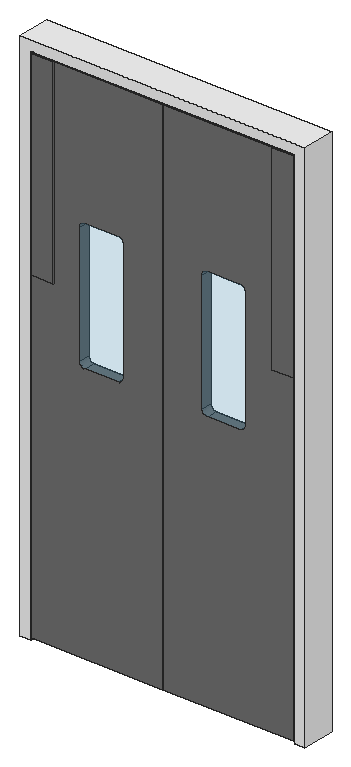
Revit family "EqualDoor1VPNFR", category Doors, host Wall, Revit 2014
Parameters
  WarrantyStartDate = "n/a"
  WarrantyGuarantorParts = "n/a"
  WarrantyGuarantorLabor = "n/a"
  WarrantyDurationUnit = "n/a"
  WarrantyDurationParts = "n/a"
  WarrantyDurationLabor = "n/a"
  WarrantyDescription = "n/a"
  VisionPanelWidth = 200 mm
  VisionPanelHeight = 600 mm
  VisionPanelFromLockEdge = 179 mm
  VisionPanelFromFFL = 1200 mm
  Version = "1"  # constant formula
  VPRadius = 25 mm
  Uniclass2015Version = "n/a"
  Uniclass2015Title = "n/a"
  Uniclass2015Code = "n/a"
  Undercut [instance] = 10 mm
  URL = "www.kenfield.com"
  Type Comments = "n/a"
  Thickness = 0 mm
  TagNumber = "n/a"
  SustainabilityPerformance = "n/a"
  StructuralOpeningWidth [instance] = 1316 mm
  StructuralOpeningHeight [instance] = 2468 mm
  Size = "n/a"
  Shape = "n/a"
  SerialNumber = "n/a"
  Rough Width = 0 mm
  Rough Height = 0 mm
  Revision = "n/a"
  ReplacementCost = "n/a"
  ProductInformation = "n/a"
  OmniClassVersion = "n/a"
  OmniClassTitle = "n/a"
  OmniClassCode = "n/a"
  NominalWidth = 0 mm
  NominalLength = 0 mm
  NominalHeight = 0 mm
  Name = "n/a"
  NBSTypeID = "n/a"
  NBSReference = "n/a"
  NBSOfficeMasterTag = "n/a"
  NBSNote = "n/a"
  NBSDescription = Description  # "Equal Door 1 Vision Panel NFR"
  NBSCertification = "n/a"
  ModelReference = "n/a"
  ModelNumber = "n/a"
  Model = "n/a"
  Material = "Polyurethane"
  ManufacturerURL = "n/a"
  ManufacturerName = Manufacturer  # "Kenfield"
  Manufacturer = "Kenfield"
  LippingSpecies = "n/a"
  Keynote = "n/a"
  JambTolerance = 5 mm
  IronmongerySetRef = "n/a"
  InstallationDate = "n/a"
  Hingle/PivotType = "Tension adjustable Zinc plated Steel double action hinge with self lubricating enclosed high\r\ntensile springs"
  HeadTolerance = 5 mm
  Grade = "n/a"
  Function = Interior
  FrameWidth [instance] = 150 mm
  FrameThickness = 50 mm
  FrameMaterial = FrameMaterial
  FrameFinish = "n/a"
  Height = 2000 mm
  Wall Closure = By host
  Width = 1000 mm
  FireRating = Fire Rating  # "NFR"
  Fire Rating = "NFR"
  Finish = "n/a"
  Features = "n/a"
  ExposedOrConcealedLipping = "n/a"
  ExpectedLife = "years"
  DurationUnit = "years"
  DoorWidth [instance] = 600 mm
  DoorTolerance = 3 mm
  DoorThickness [instance] = 50 mm
  DoorHeight [instance] = 2400 mm
  DoorFinish = Finish  # "n/a"
  DoorFacingType = "Polyurethane"
  DoorFacingSpecies = DoorMaterial
  DoorCore = "Insulation"
  Description = "Equal Door 1 Vision Panel NFR"
  Cost = 0
  Constituents = "n/a"
  Color = "n/a"
  CodePerformance = "n/a"
  Category = "n/a"
  BarCode = "n/a"
  BIMObjectName = Model  # "n/a"
  Author = "TM"
  AssetType = "n/a"
  AssetIdentifier = "n/a"
  Assembly Code = ""
  Analytic Construction = "<None>"
  AcousticRating = "n/a"
  AccessibilityPerformance = "n/a"
Reference planes
  plane 1: y = 0
  plane 2 "Center (Left/Right)": x = 0
  plane 3 "Left": x = -658
  plane 4 "Right": x = 658
  plane 5: z = 2468
  plane 6 "Exterior": y = 75
  plane 7 "Interior": y = -75
  plane 8: x = -653
  plane 9: x = 653
  plane 10: x = -603
  plane 11: x = 603
  plane 12: x = -600
  plane 13: x = 600
  plane 14: z = 2463
  plane 15: z = 2413
  plane 16: z = 2410
  plane 17: z = 10
  plane 18: y = -25
  plane 19: x = -1
  plane 20: x = 1
  plane 21: y = -88.5
  plane 22: x = -607
  plane 23: y = 38.5
  plane 24: y = -25
  plane 25: z = 1200
  plane 26: x = -180
  plane 27: x = 180
  plane 28: y = -75
  plane 29: y = -50
  plane 30: z = 1800
  plane 31: x = -380
  plane 32: z = 1500
  plane 33: x = 380
  plane 34: z = 1234
Forms (mm)
  Sweep 1, solid, material "FrameMaterial" <- "FrameMaterial"
    path origin (0, -75, 0) x (1, 0, 0) y (0, 0, 1)
      loop
        line (-653, 0) -> (-653, 2463) -> (653, 2463) -> (653, 0)
    profile origin (-653, -75, 1231.5) x (-1, 0, 0) y (0, -1, 0)
      loop
        line (0, 0) -> (-48.513, 0)
        arc (-48.513, 0) -> (-49.565, -0.435) -> (-50, -1.487) r 1.487
        line (-50, -1.487) -> (-50, -148.526)
        arc (-50, -148.526) -> (-49.568, -149.568) -> (-48.526, -150) r 1.474
        line (-48.526, -150) -> (0, -150) -> (0, 0)
  Extrusion 2, solid, material "DoorMaterial"
    sketch origin (-594.107, -300, 10) x (-1, 0, 0) y (0, -1, 0)
      loop
        line (5.893, -275) -> (5.893, -225) -> (-594.107, -225) -> (-594.107, -275) -> (5.893, -275)
    from 2400 to 0
  Extrusion 3, solid, material "DoorMaterial"
    sketch origin (-594.107, -300, 10) x (-1, 0, 0) y (0, -1, 0)
      loop
        line (-594.107, -275) -> (-594.107, -225) -> (-1194.107, -225) -> (-1194.107, -275) -> (-594.107, -275)
    from 0 to 2400
  Extrusion 4, void
    sketch origin (0, -75, 0) x (1, 0, 0) y (0, 0, 1)
      loop
        arc (-355, 1800) -> (-372.678, 1792.678) -> (-380, 1775) r 25
        line (-380, 1775) -> (-380, 1225)
        arc (-380, 1225) -> (-372.678, 1207.322) -> (-355, 1200) r 25
        line (-355, 1200) -> (-205, 1200)
        arc (-205, 1200) -> (-187.322, 1207.322) -> (-180, 1225) r 25
        line (-180, 1225) -> (-180, 1775)
        arc (-180, 1775) -> (-187.322, 1792.678) -> (-205, 1800) r 25
        line (-205, 1800) -> (-355, 1800)
    from 0 to -50
  Extrusion 5, solid, material "Glass"
    sketch origin (-1, -75, 10) x (-1, 0, 0) y (0, 0, -1)
      loop
        arc (354, -1790) -> (371.678, -1782.678) -> (379, -1765) r 25
        line (379, -1765) -> (379, -1215)
        arc (379, -1215) -> (371.678, -1197.322) -> (354, -1190) r 25
        line (354, -1190) -> (204, -1190)
        arc (204, -1190) -> (186.322, -1197.322) -> (179, -1215) r 25
        line (179, -1215) -> (179, -1765)
        arc (179, -1765) -> (186.322, -1782.678) -> (204, -1790) r 25
        line (204, -1790) -> (354, -1790)
    from 0 to -50
  Extrusion 6, solid, material "DoorMaterial"
    sketch origin (507.893, -300, 2410) x (-1, 0, 0) y (0, -1, 0)
      loop
        line (7.893, -225) -> (7.893, -222.992)
        arc (7.893, -222.992) -> (-42.107, -220.832) -> (-92.107, -222.992) r 579.776
        line (-92.107, -222.992) -> (-92.107, -225) -> (-91.107, -225)
        arc (-91.107, -225) -> (-41.607, -223.018) -> (7.893, -225) r 619.242
    from 0 to -910
  Extrusion 7, solid, material "DoorMaterial"
    sketch origin (-507.893, -300, 2410) x (1, 0, 0) y (0, 1, 0)
      loop
        arc (7.893, 225) -> (-41.607, 223.018) -> (-91.107, 225) r 619.242
        line (-91.107, 225) -> (-92.107, 225) -> (-92.107, 222.992)
        arc (-92.107, 222.992) -> (-42.107, 220.832) -> (7.893, 222.992) r 579.776
        line (7.893, 222.992) -> (7.893, 225)
    from 0 to -910
  Extrusion 8, void
    sketch origin (600, -75, 10) x (1, 0, 0) y (0, 0, -1)
      loop
        line (-395, -1790) -> (-245, -1790)
        arc (-245, -1790) -> (-227.322, -1782.678) -> (-220, -1765) r 25
        line (-220, -1765) -> (-220, -1215)
        arc (-220, -1215) -> (-227.322, -1197.322) -> (-245, -1190) r 25
        line (-245, -1190) -> (-395, -1190)
        arc (-395, -1190) -> (-412.678, -1197.322) -> (-420, -1215) r 25
        line (-420, -1215) -> (-420, -1765)
        arc (-420, -1765) -> (-412.678, -1782.678) -> (-395, -1790) r 25
    from 0 to 50
  Extrusion 9, solid, material "Glass"
    sketch origin (0, -75, 0) x (1, 0, 0) y (0, 0, 1)
      loop
        line (180, 1775) -> (180, 1225)
        arc (180, 1225) -> (187.322, 1207.322) -> (205, 1200) r 25
        line (205, 1200) -> (355, 1200)
        arc (355, 1200) -> (372.678, 1207.322) -> (380, 1225) r 25
        line (380, 1225) -> (380, 1775)
        arc (380, 1775) -> (372.678, 1792.678) -> (355, 1800) r 25
        line (355, 1800) -> (205, 1800)
        arc (205, 1800) -> (187.322, 1792.678) -> (180, 1775) r 25
    from 0 to -50
Cuts and joins
  Extrusion 4 cuts Extrusion 2
  Extrusion 8 cuts Extrusion 3
Lines and regions (mm)
  Opening 1
    outline origin (-3050, -75, 0) x (1, 0, 0) y (0, 0, 1)
      loop
        line (2392, 0) -> (3708, 0) -> (3708, 2468) -> (2392, 2468) -> (2392, 0)
  symbolic lines, style "Elevation Swing"
    curve 1: line (0, -75, 2411.043) -> (-600, -75, 1234)
    curve 2: line (-600, -75, 1234) -> (-0.544, -75, 8.648)
    curve 3: line (-0.544, -75, 8.648) -> (600, -75, 1234)
    curve 4: line (600, -75, 1234) -> (0, -75, 2411.043)
Text (mm)
  text "Exterior" at (-2295.016, 1099.543, 0), in view "Ref. Level"
  text "Exterior" at (0, 1615.38, 3698.081), in view "Left"
  text "Exterior" at (0, 1036.032, 3874.932), in view "Right"
Dimensions and locks
  equal spacing: plane 3 "Left", plane 2 "Center (Left/Right)", plane 4 "Right"
  "StructuralOpeningWidth": plane 3 "Left" to plane 4 "Right"
  "StructuralOpeningHeight": plane 5 to host wall
  host wall to plane 5 = 2468 mm  (x2)
  locked: plane 6 "Exterior" to host wall at 0
  locked: plane 7 "Interior" to host wall
  "HeadTolerance": plane 5 to plane 14
  "FrameThickness": plane 14 to plane 15
  "DoorTolerance": plane 15 to plane 16
  "JambTolerance": plane 3 "Left" to plane 8
  "FrameThickness": plane 8 to plane 10
  "DoorTolerance": plane 10 to plane 12
  "JambTolerance": plane 9 to plane 4 "Right"
  "FrameThickness": plane 11 to plane 9
  "DoorTolerance": plane 13 to plane 11
  "Undercut": plane 17 to level
  "DoorHeight": plane 16 to plane 17
  "FrameWidth": plane 7 "Interior" to plane 6 "Exterior"
  equal spacing: plane 19, plane 2 "Center (Left/Right)", plane 20
  "DoorWidth": plane 2 "Center (Left/Right)" to plane 12
  plane 22 to plane 10 = 4 mm
  equal spacing: plane 23, plane 24, plane 21
  plane 23 to plane 21 = 127 mm
  "VisionPanelFromFFL": plane 25 to level
  "VisionPanelFromLockEdge": plane 19 to plane 26
  "VisionPanelFromLockEdge": plane 27 to plane 20
  "DoorThickness": plane 18 to plane 28
  equal spacing: plane 18, plane 29, plane 28
  "VisionPanelHeight": plane 30 to plane 25
  "VisionPanelWidth": plane 26 to plane 31
  locked: Extrusion 6 sketch curve to Extrusion 6 sketch curve at 100
  locked: Extrusion 7 sketch curve to Extrusion 7 sketch curve at 100
  equal spacing: plane 30, plane 32, plane 25
  "VisionPanelWidth": plane 33 to plane 27
  equal spacing: plane 5, plane 34, level
  "VPRadius": radius of Extrusion 4 sketch curve  (x4)
  aligned and locked: plane 3 "Left" to Opening 1 sketch curve
  aligned and locked: plane 5 to Opening 1 sketch curve  (x2)
  aligned and locked: Opening 1 sketch curve to plane 4 "Right"
  aligned and locked: Opening 1 sketch curve to level
  aligned and locked: plane 1 to host wall
  aligned and locked: plane 8 to Sweep 1 sketch curve  (x2)
  aligned and locked: Sweep 1 sketch curve to plane 14
  aligned and locked: Sweep 1 sketch curve to plane 9
  aligned and locked: Sweep 1 sketch curve to plane 10
  aligned and locked: plane 6 "Exterior" to Sweep 1 sketch curve
  aligned and locked: profile plane to Sweep 1 sketch curve
  aligned and locked: plane 18 to plane 24
  aligned and locked: Extrusion 2 sketch curve to plane 18
  aligned and locked: plane 28 to Extrusion 2 sketch curve
  aligned and locked: plane 12 to Extrusion 2 sketch curve
  aligned and locked: plane 16 to Extrusion 2
  aligned and locked: Extrusion 3 sketch curve to plane 13
  aligned and locked: Extrusion 3 sketch curve to plane 18
  aligned and locked: plane 28 to Extrusion 3 sketch curve
  aligned and locked: Extrusion 3 to plane 16
  aligned and locked: plane 28 to plane 7 "Interior"
  aligned and locked: plane 31 to Extrusion 4 sketch curve
  aligned and locked: Extrusion 4 sketch curve to plane 26
  aligned and locked: Extrusion 4 sketch curve to plane 30
  aligned and locked: plane 25 to Extrusion 4 sketch curve
  aligned and locked: Extrusion 2 to Extrusion 4
  aligned and locked: Extrusion 3 to Extrusion 5
  aligned and locked: Extrusion 5 sketch curve to cut or joined group of Extrusion 2, Extrusion 4  (x4)
  aligned and locked: plane 28 to Extrusion 6 sketch curve
  aligned and locked: Extrusion 7 sketch curve to plane 12
  aligned and locked: plane 7 "Interior" to Extrusion 7 sketch curve
  aligned and locked: Extrusion 7 to plane 32
  aligned and locked: Extrusion 7 to Extrusion 6
  aligned and locked: plane 25 to Extrusion 8 sketch curve
  aligned and locked: plane 33 to Extrusion 8 sketch curve
  aligned and locked: Extrusion 8 sketch curve to plane 30
  aligned and locked: plane 27 to Extrusion 8 sketch curve
  aligned and locked: Extrusion 9 sketch curve to cut or joined group of Extrusion 3, Extrusion 8  (x4)
  aligned and locked: cut or joined group of Extrusion 2, Extrusion 4 to Extrusion 9
  aligned and locked: plane 2 "Center (Left/Right)" to Extrusion 3 sketch curve
  aligned and locked: Extrusion 2 sketch curve to plane 2 "Center (Left/Right)"
Automatic sketch dimensions
  Sweep 1 sketch curve to level = 0 mm  (x2)
  Extrusion 2 to Extrusion 6 sketch curve = 0 mm
  Extrusion 2 to Extrusion 6 sketch curve = 600 mm
  Extrusion 6 sketch curve to Extrusion 6 sketch curve = 1 mm
  Extrusion 6 sketch curve to Extrusion 6 sketch curve = 0.5 mm
  Extrusion 2 to Extrusion 6 sketch curve = 525.609 mm
  Extrusion 6 sketch curve to Extrusion 6 sketch curve = 41.652 mm
  Extrusion 6 sketch curve to Extrusion 6 sketch curve = 2.008 mm
  Extrusion 2 to Extrusion 7 sketch curve = 0 mm
  Extrusion 7 sketch curve to Extrusion 7 sketch curve = 1 mm
  Extrusion 7 sketch curve to Extrusion 7 sketch curve = 0.5 mm
  Extrusion 7 sketch curve to Extrusion 7 sketch curve = 2.008 mm
  Extrusion 2 to Extrusion 7 sketch curve = 525.609 mm
  Extrusion 7 sketch curve to Extrusion 7 sketch curve = 41.652 mm
  Extrusion 8 sketch curve to Extrusion 8 sketch curve = 25 mm  (x3)
  Extrusion 3 to Extrusion 8 sketch curve = 245 mm
  Sweep 1 sketch curve to Sweep 1 sketch curve = 1.474 mm
  Sweep 1 sketch curve to plane 7 "Interior" = 1.487 mm
  curve 1 to plane 12 = 0 mm
  curve 4 to plane 2 "Center (Left/Right)" = 0 mm
  curve 4 to plane 13 = 0 mm
  curve 2 to plane 34 = 0 mm
  curve 3 to plane 34 = 0 mm
  plane 19 to curve 2 = 0.456 mm
  curve 3 to plane 17 = 1.352 mm
  plane 16 to curve 4 = 1.043 mm
